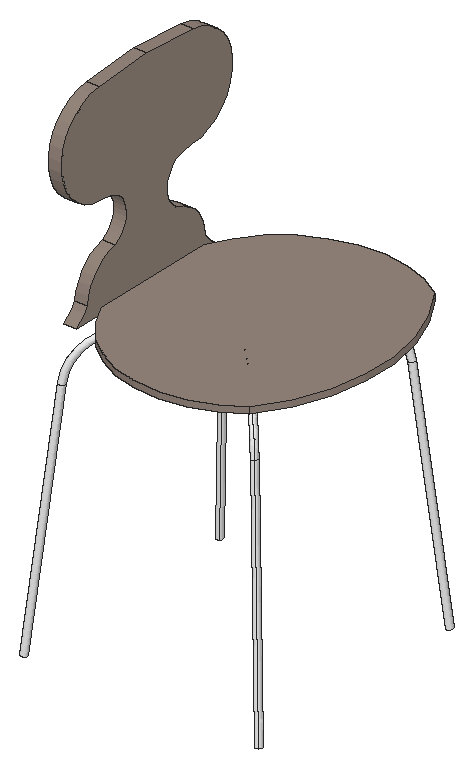
Revit family "Chair 3", category Furniture, Revit 2026
Family settings
  Work Plane-Based = No
  Enable Cutting in Views = No
  Always vertical = Yes
  Cut with Voids When Loaded = No
  Render Appearance Source = Family Geometry
  Shared = No
  Room Calculation Point = No
Parameters (values of type "Type 3A")
  Type Comments = "L"
  Keynote = "F"
  Manufacturer = ""
  Default Elevation = 0 mm
  Bracket Material = Herman Miller - Finish 47 Trivalent Chrome
  Model = ""
  Cushion/Chair Back Material = Herman Miller - Veneer Z5 Maple
  BG_DIM_Width1 [instance] = 1800 mm
  BG_DIM_Height1 [instance] = 1200 mm
  BG_DIM_Depth1 [instance] = 600 mm
  Assembly Code = "Ase3"
Types (3, lengths in mm): name | Type Comments | Keynote | BG_DIM_Width1 | BG_DIM_Height1 | BG_DIM_Depth1 | Assembly Code
  (no name) | "L" | "F" | 1800 | 1200 | 600 | "Ase3"
  Type 3A | "L" | "F" | 1800 | 1200 | 600 | "Ase3"
  Type 3B | 0 | "12600" | 0 | 0 | 0 | 0
Reference planes
  plane 1 "Center F/B": y = -198.997
  plane 2: z = 0
  plane 3 "Center L/R": x = -1.022
Forms (mm)
  Sweep 1, solid, material "Herman Miller - Finish 47 Trivalent Chrome" <- "Bracket Material"
    path origin (61.052, -65.204, 45) x (0, 0, -1) y (0.707107, -0.707107, 0)
      loop
        line (45, -82.843) -> (-332.364, -36.508)
        arc (-332.364, -36.508) -> (-382.531, -10.114) -> (-402.615, 42.895) r 80
        line (-402.615, 42.895) -> (-402.615, 181.322)
    profile origin (18.855, -23.007, 188.682) x (-0.701836, 0.701836, 0.121869) y (-0.707107, -0.707107, 0)
      loop
        circle (0, 0) r 5
  Sweep 2, solid, material "Herman Miller - Finish 47 Trivalent Chrome" <- "Bracket Material"
    path origin (57.516, -325.168, 45) x (0, 0, -1) y (0.707107, 0.707107, 0)
      loop
        line (45, -82.843) -> (-332.364, -36.508)
        arc (-332.364, -36.508) -> (-382.531, -10.114) -> (-402.615, 42.895) r 80
        line (-402.615, 42.895) -> (-402.615, 181.322)
    profile origin (15.319, -367.364, 188.682) x (-0.701836, -0.701836, 0.121869) y (0.707107, -0.707107, 0)
      loop
        circle (0, 0) r 5
  Sweep 3, solid, material "Herman Miller - Finish 47 Trivalent Chrome" <- "Bracket Material"
    path origin (303.338, -65.204, 45) x (0, 0, -1) y (0.707107, 0.707107, 0)
      loop
        line (45, 82.843) -> (-332.364, 36.508)
        arc (-332.364, 36.508) -> (-382.531, 10.114) -> (-402.615, -42.895) r 80
        line (-402.615, -42.895) -> (-402.615, -181.322)
    profile origin (345.535, -23.007, 188.682) x (0.701836, 0.701836, 0.121869) y (-0.707107, 0.707107, 0)
      loop
        circle (0, 0) r 5
  Sweep 4, solid, material "Herman Miller - Finish 47 Trivalent Chrome" <- "Bracket Material"
    path origin (306.873, -325.168, 45) x (0, 0, -1) y (0.707107, -0.707107, 0)
      loop
        line (45, 82.843) -> (-332.364, 36.508)
        arc (-332.364, 36.508) -> (-382.531, 10.114) -> (-402.615, -42.895) r 80
        line (-402.615, -42.895) -> (-402.615, -181.322)
    profile origin (349.07, -367.364, 188.682) x (0.701836, -0.701836, 0.121869) y (0.707107, 0.707107, 0)
      loop
        circle (0, 0) r 5
  Extrusion 5, solid, material "Herman Miller - Veneer Z5 Maple" <- "Cushion/Chair Back Material"
    sketch origin (0, 0, 0) x (1, 0, 0) y (0, 1, 0)
      loop
        arc (340, -9.099) -> (152.776, 17.913) -> (32.728, -128.274) r 192.616
        line (32.728, -128.274) -> (32.728, -249.923)
        arc (32.728, -249.923) -> (152.776, -396.11) -> (340, -369.099) r 192.616
        arc (340, -369.099) -> (400.673, -189.099) -> (340, -9.099) r 297.34
    from 450 to 460
  Extrusion 6, solid, material "Herman Miller - Veneer Z5 Maple" <- "Cushion/Chair Back Material"
    sketch origin (390, -409.099, -27.081) x (0, 0, -1) y (0, 1, 0)
      loop
        arc (-498.809, 95.839) -> (-486.21, 86.065) -> (-477.081, 72.99) r 53.087
        line (-477.081, 72.99) -> (-477.081, 347.212)
        arc (-477.081, 347.212) -> (-486.21, 334.138) -> (-498.809, 324.364) r 53.087
        arc (-498.809, 324.364) -> (-539.073, 308.301) -> (-561.143, 270.989) r 67.175
        arc (-561.143, 270.989) -> (-601.737, 249.17) -> (-634.197, 281.887) r 38.521
        line (-634.197, 281.887) -> (-636.604, 298.938)
        arc (-636.604, 298.938) -> (-714.694, 376.726) -> (-796.127, 302.444) r 79.872
        line (-796.127, 302.444) -> (-802.584, 210.101) -> (-796.127, 117.759)
        arc (-796.127, 117.759) -> (-714.694, 43.477) -> (-636.604, 121.265) r 79.872
        line (-636.604, 121.265) -> (-634.197, 138.316)
        arc (-634.197, 138.316) -> (-601.737, 171.033) -> (-561.143, 149.213) r 38.521
        arc (-561.143, 149.213) -> (-539.073, 111.901) -> (-498.809, 95.839) r 67.175
    from -367.272 to -347.272
Dimensions and locks
  aligned and locked: plane 1 "Center F/B" to Extrusion 6
